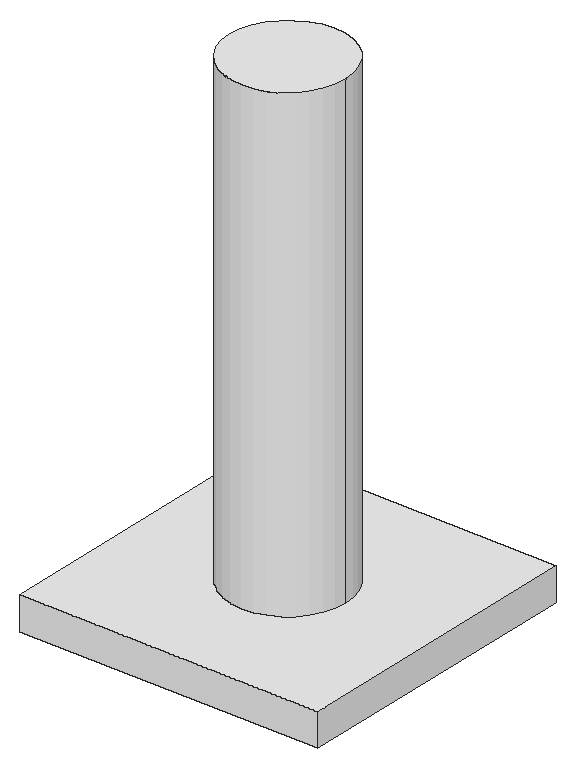
Revit family "KEUCO_59545010002", category Allgemeines Modell, Revit 2016
Family settings
  Teiletyp = Normal
  Kann Basisbauteil für Bewehrung sein = Nein
  Bemaßung runder Anschluss = Durchmesser verwenden
  Arbeitsebenenbasiert = Ja
  Immer vertikal = Nein
  Beim Laden mit Abzugskörper schneiden = Nein
  Gemeinsam genutzt = Nein
  Raumberechnungspunkt = Nein
Parameters
  Verwendung = "DU / WA"  # constant formula
  Preisgruppe = ""
  Kategorie = ""
  Gewicht = 0
  Breite = 152 mm
  URL = "https://www.keuco.com"
  Materialien bei Hersteller anfragen = "Anfrage zu:  objektmanagement@keuco.de"
  Description = "Fertigset bestehend aus:\r\nGriff, Gehäuse, Rosette (eckig) und Absperrventil,\r\neigensicher gegen Rückfließen, nach DIN EN 1717,\r\npassend für UP Funktionseinheit Art.-Nr. 59541 000170"
  Default Elevation = 1219.2 mm
  Serie = "Plan"  # constant formula
  Material = Stahl, verchromt
  Hersteller = "KEUCO"  # constant formula
  Assembly Code = ""
  Ausschreibungstext = "KEUCO IXMO Absperrventil UP DN15 \r\nmit Schlauchanschluss und Handbrausehalter, 59541011202\r\nAbsperrventil aus hochglanzverchromten Messing \r\nmit IXMO Griff Comfort und eckiger Rosette, \r\nfrei positionierbar, eigensicher gegen Rückfließen,\r\nintegrierter Einbautiefenausgleich von 80-110 mm,\r\nmit Justier-Möglichkeit bei Feinmontage \r\nfür Bedienteil und Rosette, \r\nRosette 90 mm x 90mm, Stärke 10 mm, \r\nGesamtausladung 80 mm,\r\npassend für UP Funktionseinheit Art.-Nr. 59541000170"
  Artikelnummer = "59545010002"
Types (2, lengths in mm): name | URL | Materialien bei Hersteller anfragen | Description | Ausschreibungstext
  (no name) | "https://www.keuco.com" | "Anfrage zu:  objektmanagement@keuco.de" | "Fertigset bestehend aus:\r\nGriff, Gehäuse, Rosette (eckig) und Absperrventil,\r\neigensicher gegen Rückfließen, nach DIN EN 1717,\r\npassend für UP Funktionseinheit Art.-Nr. 59541 000170" | "KEUCO IXMO Absperrventil UP DN15 \r\nmit Schlauchanschluss und Handbrausehalter, 59541011202\r\nAbsperrventil aus hochglanzverchromten Messing \r\nmit IXMO Griff Comfort und eckiger Rosette, \r\nfrei positionierbar, eigensicher gegen Rückfließen,\r\nintegrierter Einbautiefenausgleich von 80-110 mm,\r\nmit Justier-Möglichkeit bei Feinmontage \r\nfür Bedienteil und Rosette, \r\nRosette 90 mm x 90mm, Stärke 10 mm, \r\nGesamtausladung 80 mm,\r\npassend für UP Funktionseinheit Art.-Nr. 59541000170"
  59545010002 | "https://www.keuco.com/de/produkte/sortiment/artikel/?pid=59545&oid=2&pgo=8&country=de&lang=de&vid=59545010002" | "Request to:  objektmanagement@keuco.de" | "mit eckiger Rosette,\r\npassend für alle UP-Armaturen" | "KEUCO IXMO Wanneneinlauf DN 15, 59545010002, \r\nhochglanzverchromter Wanneneinlauf DN 15 \r\nin zeitloser Formensprache, \r\npassend für alle Unterputz-Armaturen, \r\neckige Rosette 90 mm x 90 mm, #\r\nGesamtausladung 152 mm, Wasseraustritt bei 130 mm, \r\nWasseranschluss G 1/2 Zoll, Durchmesser 35 mm, \r\nempfohlene Funktionseinheit: 59547000170 \r\nin Kombination mit Montageschiene 5957000001-3"
Reference planes
  plane 1 "Center (Front/Back)": y = 0
  plane 2: z = 0
  plane 3 "Center (Left/Right)": x = 0
  plane 4: z = 152
  plane 5: z = 36
Forms (mm)
  Extrusion 1, solid, material "Stahl, verchromt" <- "Material"
    sketch origin (0, 16.5, 20) x (0, 1, 0) y (-1, 0, 0)
      loop
        line (28.5, 45) -> (-61.5, 45) -> (-61.5, -45) -> (28.5, -45) -> (28.5, 45)
    from -20 to -10
  Extrusion 2, solid, material "Stahl, verchromt" <- "Material"
    sketch origin (0, 16.5, 20) x (0, 1, 0) y (-1, 0, 0)
      loop
        circle (-16.5, 0) r 17.5
    from -10 to 132
Dimensions and locks
  "Breite": plane 4 to plane 2
  plane 5 to plane 2 = 36 mm
  aligned and locked: level to plane 2
  aligned and locked: plane 4 to Extrusion 2
Automatic sketch dimensions
  plane 1 "Center (Front/Back)" to Extrusion 1 sketch curve = 45 mm
  Extrusion 1 sketch curve to plane 1 "Center (Front/Back)" = 45 mm
  plane 3 "Center (Left/Right)" to Extrusion 1 sketch curve = 45 mm
  Extrusion 1 sketch curve to plane 3 "Center (Left/Right)" = 45 mm
  plane 1 "Center (Front/Back)" to Extrusion 2 sketch curve = 0 mm
  Extrusion 2 sketch curve to plane 3 "Center (Left/Right)" = 0 mm
  radius of Extrusion 2 sketch curve = 17.5 mm
